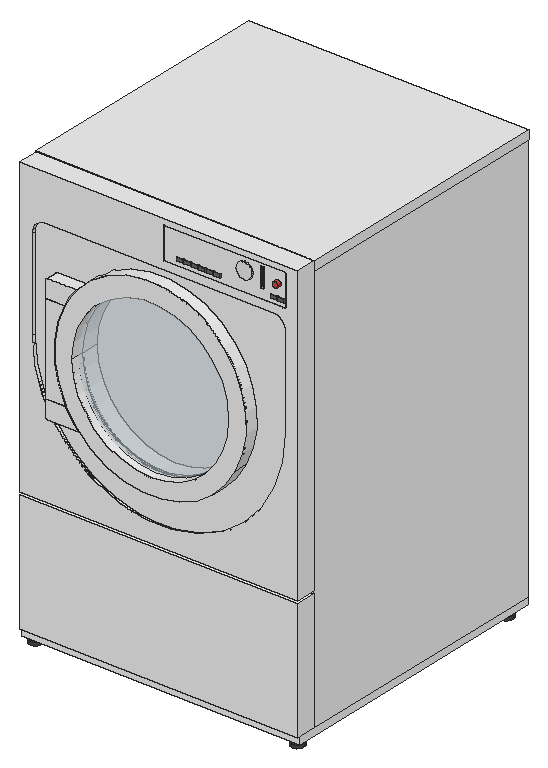
Revit family
Parameters (values of type "Dryer_T_8337_Miele")
  Warranty Duration (Years) = 0
  Voltage_MEP = 230 V
  URL = "http://www.professionallaundry.com/intro/default.asp"
  Specification = "http://www.arcat.com/sdspecs/htm/11110mpp.htm"
  Send Message = "http://www.arcat.com/users.pl?action=UserEmail&company=Miele%20Professional%20Products&coid=46081&rep=121&fax=609-419-4298&mf="
  Sales Information = "http://miele.com/locator/locator_new.asp?nav=800&snav=800&tnav=800&oT=7"
  Revision = "R1_03-2010"
  Product Properties = "http://www.arcat.com/bim/bim_info.pl?fn=Miele"
  Product Data = "http://www.arcat.com/arcatcos/cos46/arc46081.html"
  Model = "PT 8337"
  Manufacturer Website = "http://www.professionallaundry.com/intro/default.asp"
  Manufacturer Phone - Toll Free = "800-843-7231 "
  Manufacturer Phone = "609-419-9898 "
  Manufacturer Fax = "609-419-4298"
  Manufacturer Address = "9 Independence Way, Princeton, NJ 08540"
  Manufacturer = "Miele Professional Products"
  Maintenance Schedule (Months) = 0
  MEP Wattage = Voltage_MEP * MEP Amperage  # 11500 VA
  MEP Amperage = 50 A
  Keynote = "11 23 00"
  Installation-Fabrication = "http://www.professionallaundry.com/model/modelsintro.asp"
  Installation Phase = ""
  Green Building-LEED = "http://www.arcat.com/green/clients/leed_data_46081.html"
  Expected Lifespan (Years) = 0
  Evaporation Rate = "10 fl oz/minute"
  Drawn By = "Robert S. Weygant, CSI, CDT, SCIP"
  Description = "Miele PT 8337 Commercial Dryer"
  Copyright = "2010, ARCAT, Inc"
  Construction Details = "http://www.professionallaundry.com/model/modelsintro.asp"
  Connection Dia Electrical = 0' - 1"
  Connect Dpth = -0' - 1"
  Circuits = 3
  Capacity = "30 Lbs"
  Body Material = Metal - Stainless Steel
  Assembly Code = "E1090320"
Reference planes (in)
  plane 1 "Center (Front/Back)": y = 4.25154
  plane 2: z = 0
  plane 3 "Center (Left/Right)": x = 0
  plane 4 "Connection Plane": y = 21.24916
  plane 5: z = 54.97762
Forms (in)
  Extrusion 1, solid, material "Electrical"
    sketch origin (6.25, 21.24916, 58.94681) x (-1, 0, 0) y (0, 0, -1)
      loop
        circle (19.22397, 6.9376) r 0.5
    from 0 to -1 <- "Connect Dpth"
  Extrusion 2, solid, material "Appliance Foot", not visible
    sketch origin (-17.94491, 0, 5.70173) x (1, 0, 0) y (0, 1, 0)
      loop
        circle (4.33957, -18.03075) r 0.81159
    from 0 to 0.32449
  Extrusion 3, solid, material "Appliance Foot", not visible
    sketch origin (-17.94491, 0, 5.70173) x (1, 0, 0) y (0, 1, 0)
      loop
        circle (4.31639, -18.03075) r 0.18544
    from 0.32449 to 0.78508
  Extrusion 4, solid, material "Appliance Foot"
    sketch origin (-21.03866, 3.96185, 0) x (1, 0, 0) y (0, 1, 0)
      loop
        circle (4.33957, -18.03075) r 0.81159
    from 0 to 0.32449
  Extrusion 5, solid, material "Metal - Stainless Steel" <- "Body Material"
    sketch origin (0, 8.00677, -6.07553) x (1, 0, 0) y (0, 0, 1)
      loop
        line (-17.6875, 7.69188) -> (-17.6875, 6.86061) -> (17.6875, 6.86061) -> (17.6875, 7.69188) -> (-17.6875, 7.69188)
    from -13.2424 to 23.09548
  Extrusion 6, solid, material "Metal - Stainless Steel" <- "Body Material"
    sketch origin (0, 8.00677, 0) x (1, 0, 0) y (0, 0, 1)
      loop
        line (-17.6875, 1.61635) -> (17.6875, 1.61635) -> (17.6875, 16.90242) -> (-17.6875, 16.90242) -> (-17.6875, 1.61635)
    from 20.75285 to 23.33901
  Extrusion 7, solid, material "Metal - Stainless Steel" <- "Body Material"
    sketch origin (0, 8.00677, 0) x (1, 0, 0) y (0, 0, 1)
      loop
        line (-17.6875, 54.97762) -> (-17.6875, 17.31805) -> (17.6875, 17.31805) -> (17.6875, 54.97762) -> (-17.6875, 54.97762)
      loop
        line (0.60036, 54.21704) -> (0.60036, 50.06394) -> (16.11733, 50.06394) -> (16.11733, 54.21704) -> (0.60036, 54.21704)
      loop
        line (-16.11733, 47.38708) -> (-16.11733, 35.74445)
        arc (-16.11733, 35.74445) -> (0, 19.62712) -> (16.11733, 35.74445) r 16.11733
        line (16.11733, 35.74445) -> (16.11733, 47.43338)
        arc (16.11733, 47.43338) -> (15.61833, 48.63807) -> (14.41363, 49.13708) r 1.7037
        line (14.41363, 49.13708) -> (-14.36733, 49.13708)
        arc (-14.36733, 49.13708) -> (-15.60477, 48.62451) -> (-16.11733, 47.38708) r 1.75
    from 20.75285 to 23.33901
  Extrusion 8, solid, material "Metal - Stainless Steel" <- "Body Material"
    sketch origin (0, 8.00677, 47.09719) x (1, 0, 0) y (0, 0, 1)
      loop
        line (-17.77986, 7.88043) -> (-17.77986, 6.69529) -> (17.77986, 6.69529) -> (17.77986, 7.88043) -> (-17.77986, 7.88043)
    from -13.2424 to 20.75285
  Extrusion 9, solid, material "Metal - Stainless Steel" <- "Body Material"
    sketch origin (0, 8.00677, 45.89194) x (1, 0, 0) y (0, 0, 1)
      loop
        line (-17.6875, 7.88043) -> (-17.6875, -44.27559) -> (17.6875, -44.27559) -> (17.6875, 7.88043) -> (-17.6875, 7.88043)
    from -13.2424 to 20.75285
  Extrusion 10, solid, material "Metal - Stainless Steel" <- "Body Material"
    sketch origin (0, 8.00677, 3.8244) x (1, 0, 0) y (0, 0, 1)
      loop
        circle (0, 31.90665) r 10
      loop
        line (-13.04644, 23.88629) -> (-9.19001, 23.88629)
        arc (-9.19001, 23.88629) -> (-10.06089, 24.98601) -> (-10.80086, 26.17775) r 12.29809
        line (-10.80086, 26.17775) -> (-13.34644, 26.17775) -> (-13.34644, 24.18629)
        arc (-13.34644, 24.18629) -> (-13.25857, 23.97415) -> (-13.04644, 23.88629) r 0.3
      loop
        line (-9.38874, 40.00181) -> (-13.05115, 40.00181)
        arc (-13.05115, 40.00181) -> (-13.25995, 39.91532) -> (-13.34644, 39.70652) r 0.29529
        line (-13.34644, 39.70652) -> (-13.34644, 37.64655) -> (-10.95526, 37.64655)
        arc (-10.95526, 37.64655) -> (-10.23994, 38.86937) -> (-9.38874, 40.00181) r 12.29809
      loop
        circle (0, 32.0586) r 12.23809
      loop
        line (-10.99178, 37.57437) -> (-13.34644, 37.57437) -> (-13.34644, 26.23204) -> (-10.83024, 26.23204)
        arc (-10.83024, 26.23204) -> (-12.29684, 31.88347) -> (-10.99178, 37.57437) r 12.29809
    from 24.66616 to 23.09548
  Extrusion 11, solid, material "Glass - Laundry"
    sketch origin (0, 8.00677, 3.97635) x (1, 0, 0) y (0, 0, 1)
      loop
        circle (0, 31.7547) r 10
    from 23.33901 to 23.70847
  Extrusion 12, solid, material "Metal - Stainless Steel" <- "Body Material"
    sketch origin (0, 9.04022, 0) x (1, 0, 0) y (0, 0, 1)
      loop
        line (0.60036, 54.21704) -> (0.60036, 50.06394) -> (16.11733, 50.06394) -> (16.11733, 54.21704) -> (0.60036, 54.21704)
    from 21.71402 to 24.30019
  Extrusion 13, solid, material "Appliance Foot"
    sketch origin (-21.03866, 3.96185, 0) x (1, 0, 0) y (0, 1, 0)
      loop
        circle (4.31639, -18.03075) r 0.18544
    from 0.32449 to 0.78508
  Extrusion 14, solid, material "Appliance Foot"
    sketch origin (-21.03866, 37.17729, 0) x (1, 0, 0) y (0, 1, 0)
      loop
        circle (4.33957, -18.03075) r 0.81159
    from 0 to 0.32449
  Extrusion 15, solid, material "Appliance Foot"
    sketch origin (-21.03866, 37.17729, 0) x (1, 0, 0) y (0, 1, 0)
      loop
        circle (4.31639, -18.03075) r 0.18544
    from 0.32449 to 0.78508
  Extrusion 16, solid, material "Appliance Foot"
    sketch origin (12.33165, 3.96185, 0) x (1, 0, 0) y (0, 1, 0)
      loop
        circle (4.33957, -18.03075) r 0.81159
    from 0 to 0.32449
  Extrusion 17, solid, material "Appliance Foot"
    sketch origin (12.33165, 3.96185, 0) x (1, 0, 0) y (0, 1, 0)
      loop
        circle (4.31639, -18.03075) r 0.18544
    from 0.32449 to 0.78508
  Extrusion 18, solid, material "Appliance Foot"
    sketch origin (12.33165, 37.17729, 0) x (1, 0, 0) y (0, 1, 0)
      loop
        circle (4.33957, -18.03075) r 0.81159
    from 0 to 0.32449
  Extrusion 19, solid, material "Appliance Foot"
    sketch origin (12.33165, 37.17729, 0) x (1, 0, 0) y (0, 1, 0)
      loop
        circle (4.31639, -18.03075) r 0.18544
    from 0.32449 to 0.78508
  Extrusion 20, solid, material "Black"
    sketch origin (0, -15.25997, 0) x (1, 0, 0) y (0, 0, 1)
      loop
        line (2.26916, 51.08376) -> (2.26916, 50.66656) -> (3.0572, 50.66656) -> (3.0572, 51.08376) -> (2.26916, 51.08376)
      loop
        line (3.19627, 51.08376) -> (3.19627, 50.66656) -> (4.03067, 50.66656) -> (4.03067, 51.08376) -> (3.19627, 51.08376)
      loop
        line (4.16973, 51.08376) -> (4.16973, 50.66656) -> (4.95778, 50.66656) -> (4.95778, 51.08376) -> (4.16973, 51.08376)
      loop
        line (5.09684, 51.08376) -> (5.09684, 50.66656) -> (5.88489, 50.66656) -> (5.88489, 51.08376) -> (5.09684, 51.08376)
      loop
        line (6.07031, 51.08376) -> (6.07031, 50.66656) -> (6.85835, 50.66656) -> (6.85835, 51.08376) -> (6.07031, 51.08376)
      loop
        line (6.99742, 51.08376) -> (6.99742, 50.66656) -> (7.78546, 50.66656) -> (7.78546, 51.08376) -> (6.99742, 51.08376)
    from 0 to 0.125
  Extrusion 21, solid, material "White"
    sketch origin (4.03804, -15.25997, 0.33129) x (1, 0, 0) y (0, 0, 1)
      loop
        circle (6.84112, 52.25291) r 1
    from 0 to 0.125
  Extrusion 22, solid, material "White"
    sketch origin (6.30948, -15.25997, 0.33129) x (1, 0, 0) y (0, 0, 1)
      loop
        line (6.65568, 53.43834) -> (6.65568, 51.0306) -> (7.02652, 51.0306) -> (7.02652, 53.43834) -> (6.65568, 53.43834)
      loop
        line (6.79474, 53.29782) -> (6.79474, 51.16937) -> (6.88746, 51.16937) -> (6.88746, 53.29782) -> (6.79474, 53.29782)
    from 0 to 0.125
  Extrusion 23, solid, material "Red"
    sketch origin (8.25902, -15.25997, 0.33129) x (1, 0, 0) y (0, 0, 1)
      loop
        circle (6.84112, 52.25291) r 0.36667
    from 0 to 0.44465
  Extrusion 24, solid, material "Black"
    sketch origin (8.19532, -15.25997, -0.00781) x (1, 0, 0) y (0, 0, 1)
      loop
        line (6.07031, 51.08376) -> (6.07031, 50.66656) -> (6.85835, 50.66656) -> (6.85835, 51.08376) -> (6.07031, 51.08376)
      loop
        line (6.99742, 51.08376) -> (6.99742, 50.66656) -> (7.78546, 50.66656) -> (7.78546, 51.08376) -> (6.99742, 51.08376)
    from 0 to 0.125
  Extrusion 25, solid, material "Metal - Stainless Steel" <- "Body Material"
    sketch origin (0, 8.00677, 0) x (1, 0, 0) y (0, 0, 1)
      loop
        line (-16.11733, 47.38708) -> (-16.11733, 35.74445)
        arc (-16.11733, 35.74445) -> (0, 19.62712) -> (16.11733, 35.74445) r 16.11733
        line (16.11733, 35.74445) -> (16.11733, 47.43338)
        arc (16.11733, 47.43338) -> (15.61833, 48.63807) -> (14.41363, 49.13708) r 1.7037
        line (14.41363, 49.13708) -> (-14.36733, 49.13708)
        arc (-14.36733, 49.13708) -> (-15.60477, 48.62451) -> (-16.11733, 47.38708) r 1.75
      loop
        circle (0, 35.73105) r 10
    from 20.75285 to 23.00285
  Extrusion 26, solid, material "Metal - Stainless Steel"
    sketch origin (31.00025, 21.24916, 19.1295) x (-1, 0, 0) y (0, 0, -1)
      loop
        circle (19.22397, 6.9376) r 3
    from 0 to -2.07955
Lines and regions (in)
  Split face 1
    outline origin (0, -15.25997, 0) x (1, 0, 0) y (0, 0, 1)
      loop
        line (1.75925, 53.63331) -> (1.75925, 51.4546) -> (10.87916, 51.4546)
        arc (10.87916, 51.4546) -> (11.96851, 52.54396) -> (10.87916, 53.63331) r 1.08935
        line (10.87916, 53.63331) -> (1.75925, 53.63331)
  Split face 2
    outline origin (0, -15.25997, 0) x (1, 0, 0) y (0, 0, 1)
      loop
        circle (15.10013, 52.5842) r 0.48943
  symbolic lines, style "MechanicalEquipmentHiddenLines"
    curve 1: line (25.62965, -33.24956, 0) -> (12.52987, -11.0807, 0)
    curve 2: arc (0, -19.66186, 43.82621) -> (0, -41.41296, 35.71403) -> (0, -19.62225, 27.70888) r 12.37698
    curve 3: arc (0, -19.23576, 37.73316) -> (0, -39.036, 35.72599) -> (0, -19.22849, 33.79194) r 10
    curve 4: circle (0, -29.03602, 35.74445) r 9.5 normal (1, 0, 0)
    curve 5: line (0, -16.65939, 43.82621) -> (0, -19.66186, 43.82621)
    curve 6: line (0, -19.62225, 27.70888) -> (0, -16.65939, 27.70888)
    curve 7: line (0, -15.3839, 0.7565) -> (0, -26.12659, 11.49918)
    curve 8: line (0, -24.32551, 13.30026) -> (0, -26.31131, 11.31446)
    curve 9: line (0, -13.49706, 2.47181) -> (0, -24.32551, 13.30026)
    curve 10: line (0, -15.3839, 0.7565) -> (0, -13.49706, 2.47181)
    curve 11: line (0, -26.31131, 10.57555) -> (0, -26.31131, 11.31446)
    curve 14: arc (-12.51001, -12.05052, 0) -> (0.481, -33.44246, 0) -> (25.50833, -33.32126, 0) r 25.40964
  symbolic lines
    curve 12: line (0, -16.11733, 16.53296) -> (0, -15.7017, 16.90242)
    curve 13: line (0, -15.7017, 16.90242) -> (0, -15.33225, 16.90242)
Dimensions and locks (in)
  "Connection Dia Electrical": Extrusion 1 sketch curve to Extrusion 1 sketch curve
  Extrusion 26 sketch curve to Extrusion 26 sketch curve = 0' - 6"
Automatic sketch dimensions
  Extrusion 1 sketch curve to Extrusion 1 sketch curve = 0' - 0"  (x2)
  Extrusion 1 sketch curve to plane 5 = 0' - 2.96841"
  Extrusion 1 sketch curve to plane 3 "Center (Left/Right)" = 1' - 0.47397"
  level to Extrusion 5 sketch curve = 0' - 0.78508"
  Extrusion 5 sketch curve to plane 3 "Center (Left/Right)" = 1' - 5 11/16"
  plane 3 "Center (Left/Right)" to Extrusion 5 sketch curve = 1' - 5 11/16"
  Extrusion 5 sketch curve to Extrusion 5 sketch curve = 0' - 0.83127"
  Extrusion 8 sketch curve to plane 5 = 0' - 0"
  Extrusion 8 sketch curve to plane 5 = 0' - 1.18514"
  Extrusion 8 sketch curve to plane 3 "Center (Left/Right)" = 1' - 5.77986"
  plane 3 "Center (Left/Right)" to Extrusion 8 sketch curve = 1' - 5.77986"
  level to Extrusion 9 sketch curve = 0' - 1.61635"
  Extrusion 9 sketch curve to plane 3 "Center (Left/Right)" = 1' - 5 11/16"
  plane 3 "Center (Left/Right)" to Extrusion 9 sketch curve = 1' - 5 11/16"
  Extrusion 9 sketch curve to plane 5 = 0' - 1.20524"
  plane 3 "Center (Left/Right)" to Extrusion 12 sketch curve = 0' - 0.60036"
  Extrusion 12 sketch curve to plane 5 = 0' - 4.91368"
  plane 3 "Center (Left/Right)" to Extrusion 12 sketch curve = 1' - 4.11733"
  Extrusion 12 sketch curve to plane 5 = 0' - 0.76058"
  Extrusion 20 sketch curve to Extrusion 12 = 0' - 0.60262"  (x2)
  Extrusion 20 sketch curve to Extrusion 12 = 0' - 1.6688"
  Extrusion 20 sketch curve to Extrusion 20 sketch curve = 0' - 0.78804"  (x5)
  Extrusion 20 sketch curve to Extrusion 20 sketch curve = 0' - 0.13907"  (x4)
  Extrusion 20 sketch curve to Extrusion 20 sketch curve = 0' - 0.8344"
  Extrusion 20 sketch curve to Extrusion 20 sketch curve = 0' - 0.18542"
  Extrusion 20 sketch curve to Extrusion 20 sketch curve = 0' - 0"  (x8)
  Extrusion 20 sketch curve to Extrusion 20 sketch curve = 0' - 0.4172"  (x2)
  Split face 1 sketch curve to Extrusion 12 = 0' - 1.15889"
  Split face 1 sketch curve to Extrusion 12 = 0' - 1.39066"
  Split face 1 sketch curve to Extrusion 12 = 0' - 5.23817"
  Split face 1 sketch curve to Split face 1 sketch curve = 0' - 1.08935"
  Extrusion 21 sketch curve to Extrusion 12 = 0' - 1 81/128"
  Extrusion 21 sketch curve to Extrusion 12 = 0' - 5.23817"
  Extrusion 22 sketch curve to Extrusion 12 = 0' - 1.29795"
  Extrusion 22 sketch curve to Extrusion 12 = 0' - 3.15217"
  Extrusion 22 sketch curve to Extrusion 22 sketch curve = 0' - 0.13907"  (x2)
  Extrusion 22 sketch curve to Extrusion 22 sketch curve = 0' - 0.09271"
  Extrusion 22 sketch curve to Extrusion 22 sketch curve = 0' - 0.13877"
  Extrusion 22 sketch curve to Extrusion 12 = 0' - 0.58793"
  Extrusion 22 sketch curve to Extrusion 22 sketch curve = 0' - 0.14052"
  Extrusion 23 sketch curve to Extrusion 12 = 0' - 1.0172"
  Extrusion 23 sketch curve to Extrusion 12 = 0' - 1 81/128"
  Split face 2 sketch curve to Extrusion 12 = 0' - 1.0172"
  Split face 2 sketch curve to Extrusion 12 = 0' - 1 81/128"
  Extrusion 24 sketch curve to Extrusion 24 sketch curve = 0' - 0.78804"  (x2)
  Extrusion 24 sketch curve to Extrusion 24 sketch curve = 0' - 0.13907"
  Extrusion 24 sketch curve to Extrusion 12 = 0' - 0.13654"
  Extrusion 24 sketch curve to Extrusion 12 = 0' - 0.59481"
  Extrusion 24 sketch curve to Extrusion 24 sketch curve = 0' - 0"  (x2)
  Extrusion 24 sketch curve to Extrusion 24 sketch curve = 0' - 0.4172"
  level to Extrusion 6 sketch curve = 1' - 4.90242"
  Extrusion 6 sketch curve to plane 3 "Center (Left/Right)" = 1' - 5 11/16"
  plane 3 "Center (Left/Right)" to Extrusion 6 sketch curve = 1' - 5 11/16"
  level to Extrusion 6 sketch curve = 0' - 1.61635"
  Extrusion 7 sketch curve to plane 5 = 0' - 0"
  Extrusion 7 sketch curve to plane 3 "Center (Left/Right)" = 0' - 0"
  Extrusion 7 sketch curve to plane 5 = 0' - 5.84055"
  Extrusion 7 sketch curve to plane 3 "Center (Left/Right)" = 1' - 2.36733"
  Extrusion 7 sketch curve to Extrusion 7 sketch curve = 0' - 1 3/4"
  Extrusion 7 sketch curve to Extrusion 7 sketch curve = 0' - 3.32017"
  plane 3 "Center (Left/Right)" to Extrusion 7 sketch curve = 0' - 0.60036"
  Extrusion 7 sketch curve to Extrusion 7 sketch curve = 0' - 1.7037"  (x2)
  Extrusion 7 sketch curve to plane 5 = 0' - 0.76058"
  plane 3 "Center (Left/Right)" to Extrusion 7 sketch curve = 1' - 5 11/16"
  Extrusion 7 sketch curve to Extrusion 7 sketch curve = 0' - 11.64262"
  level to Extrusion 7 sketch curve = 1' - 5.31805"
  Extrusion 7 sketch curve to Extrusion 7 sketch curve = 0' - 4.1531"
  Extrusion 25 sketch curve to plane 3 "Center (Left/Right)" = 0' - 0"  (x2)
  Extrusion 25 sketch curve to plane 5 = 0' - 5.84055"
  Extrusion 25 sketch curve to plane 3 "Center (Left/Right)" = 1' - 2.36733"
  Extrusion 25 sketch curve to Extrusion 25 sketch curve = 0' - 1 3/4"
  Extrusion 25 sketch curve to Extrusion 25 sketch curve = 0' - 1.7037"
  Extrusion 25 sketch curve to Extrusion 25 sketch curve = 0' - 11.64262"
  Extrusion 11 sketch curve to plane 3 "Center (Left/Right)" = 0' - 0"
  Extrusion 11 sketch curve to Extrusion 11 sketch curve = 0' - 10"
  Extrusion 11 sketch curve to plane 5 = 1' - 7.24657"
  curve 2 to curve 3 = 0' - 0"  (x2)
  curve 2 to curve 4 = 0' - 0"  (x2)
  curve 3 to curve 4 = 0' - 0"  (x2)
  plane 1 "Center (Front/Back)" to curve 4 = 2' - 9.28756"
  level to curve 8 = 0' - 11.31446"
  curve 2 to curve 8 = 0' - 2.72471"
  level to curve 7 = 0' - 11.49918"
  curve 8 to curve 7 = 0' - 0.18473"
  level to curve 8 = 1' - 1.30026"
  curve 2 to curve 5 = 0' - 9.37415"
  curve 2 to curve 6 = 0' - 9.41377"
  curve 5 to curve 3 = 0' - 0.4261"
  curve 3 to curve 3 = 0' - 0.00728"
  curve 2 to curve 6 = 0' - 2.96286"
  curve 2 to curve 5 = 0' - 3.00248"
  curve 8 to curve 12 = 0' - 8.20818"
  curve 12 to curve 13 = 0' - 0.41563"
  curve 12 to curve 13 = 0' - 0.36945"  (x2)
  level to curve 7 = 0' - 0.7565"
  level to curve 9 = 0' - 2.47181"
  curve 11 to curve 8 = 0' - 0.7389"
  curve 8 to curve 12 = 0' - 3.2327"
  curve 12 to curve 6 = 0' - 10.80646"
  curve 6 to curve 3 = 0' - 6.08306"
  curve 3 to curve 2 = 0' - 1.95252"
  curve 1 to curve 14 = 0' - 0.35769"
  curve 14 to curve 1 = 0' - 0.12132"
  plane 1 "Center (Front/Back)" to curve 14 = 3' - 1.5728"
  curve 14 to curve 1 = 0' - 0.07169"
  curve 14 to curve 1 = 0' - 0.18685"
  plane 3 "Center (Left/Right)" to Extrusion 26 sketch curve = 1' - 2.77627"
  Extrusion 26 sketch curve to plane 5 = 3' - 6.78572"
  curve 14 to plane 3 "Center (Left/Right)" = 1' - 0.51001"
  plane 3 "Center (Left/Right)" to curve 1 = 1' - 0.52987"
  curve 14 to curve 14 = 1' - 0.62076"
  plane 1 "Center (Front/Back)" to curve 14 = 1' - 4.30206"
  Extrusion 10 sketch curve to Extrusion 10 sketch curve = 0' - 0"  (x14)
  Extrusion 10 sketch curve to plane 3 "Center (Left/Right)" = 0' - 0"  (x2)
  Extrusion 10 sketch curve to plane 3 "Center (Left/Right)" = 0' - 9.19001"
  Extrusion 10 sketch curve to plane 3 "Center (Left/Right)" = 0' - 9.38874"
  Extrusion 10 sketch curve to Extrusion 10 sketch curve = 0' - 1.61085"
  Extrusion 10 sketch curve to Extrusion 10 sketch curve = 0' - 0.02938"
  Extrusion 10 sketch curve to Extrusion 10 sketch curve = 0' - 1.56652"
  Extrusion 10 sketch curve to Extrusion 10 sketch curve = 0' - 0.03652"
  Extrusion 10 sketch curve to Extrusion 10 sketch curve = 0' - 2.24558"
  Extrusion 10 sketch curve to Extrusion 10 sketch curve = 0' - 2.09589"
  Extrusion 10 sketch curve to Extrusion 10 sketch curve = 0' - 0.29529"
  Extrusion 10 sketch curve to plane 5 = 2' - 3.26694"
  Extrusion 10 sketch curve to Extrusion 10 sketch curve = 0' - 1.99146"
  Extrusion 10 sketch curve to Extrusion 10 sketch curve = 0' - 0.05429"
  Extrusion 10 sketch curve to Extrusion 10 sketch curve = 0' - 0.15195"
  Extrusion 10 sketch curve to Extrusion 10 sketch curve = 0' - 0.07219"
  Extrusion 25 sketch curve to Extrusion 25 sketch curve = 0' - 6.11733"
  Extrusion 25 sketch curve to Extrusion 25 sketch curve = 0' - 0.0134"
  radius of Extrusion 2 sketch curve = 0' - 0.81159"
  radius of Extrusion 3 sketch curve = 0' - 0.18544"
  radius of Extrusion 4 sketch curve = 0' - 0.81159"
  radius of Extrusion 13 sketch curve = 0' - 0.18544"
  radius of Extrusion 14 sketch curve = 0' - 0.81159"
  radius of Extrusion 15 sketch curve = 0' - 0.18544"
  radius of Extrusion 16 sketch curve = 0' - 0.81159"
  radius of Extrusion 17 sketch curve = 0' - 0.18544"
  radius of Extrusion 18 sketch curve = 0' - 0.81159"
  radius of Extrusion 19 sketch curve = 0' - 0.18544"
  radius of Extrusion 21 sketch curve = 0' - 1"
  radius of Extrusion 23 sketch curve = 0' - 0.36667"
  radius of Split face 2 sketch curve = 0' - 0.48943"
  radius of curve 4 = 0' - 9 1/2"
  radius of Extrusion 10 sketch curve = 0' - 10"
  radius of Extrusion 10 sketch curve = 1' - 0.23809"
Connectors (in)
  electrical at (-12.97397, 22.24916, 52.00921), driven by "Voltage_MEP", driven by "MEP Wattage"
    settings: on Extrusion 1, index 1
  hvac at (11.77627, 23.32872, 12.19191)
    settings: on Extrusion 26, index 2
